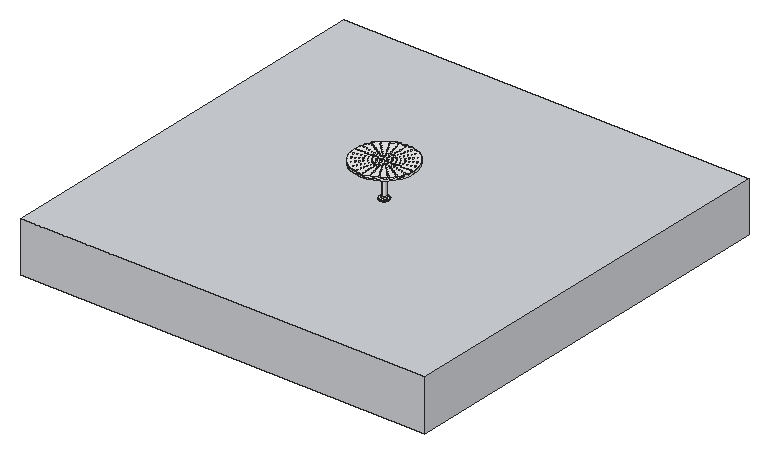
Revit family (continued)
Definition of nested family "13691_Base"
  Lines and regions (in)
    symbolic lines, style "Masking Lines", detail levels fine
      curve 275: arc (4.45101, 1.19265, 2.75) -> (4.49248, 1.26446, 2.75) -> (4.56429, 1.223, 2.75) r 0.05864
      curve 276: arc (4.56429, 1.223, 2.75) -> (4.52283, 1.15118, 2.75) -> (4.45101, 1.19265, 2.75) r 0.05864
      curve 277: arc (3.69974, 0.99134, 2.75) -> (3.7412, 1.06316, 2.75) -> (3.81302, 1.0217, 2.75) r 0.05864
      curve 278: arc (3.81302, 1.0217, 2.75) -> (3.77155, 0.94988, 2.75) -> (3.69974, 0.99134, 2.75) r 0.05864
      curve 279: arc (2.94846, 0.79004, 2.75) -> (2.98993, 0.86186, 2.75) -> (3.06174, 0.82039, 2.75) r 0.05864
      curve 280: arc (3.06174, 0.82039, 2.75) -> (3.02028, 0.74857, 2.75) -> (2.94846, 0.79004, 2.75) r 0.05864
      curve 281: arc (2.19719, 0.58873, 2.75) -> (2.23865, 0.66055, 2.75) -> (2.31047, 0.61909, 2.75) r 0.05864
      curve 282: arc (2.31047, 0.61909, 2.75) -> (2.269, 0.54727, 2.75) -> (2.19719, 0.58873, 2.75) r 0.05864
      curve 283: arc (0.71914, 0, 2.75) -> (0.77778, 0.05864, 2.75) -> (0.83642, 0, 2.75) r 0.05864
      curve 284: arc (0.83642, 0, 2.75) -> (0.77778, -0.05864, 2.75) -> (0.71914, 0, 2.75) r 0.05864
      curve 285: arc (1.49692, 0, 2.75) -> (1.55556, 0.05864, 2.75) -> (1.61419, 0, 2.75) r 0.05864
      curve 286: arc (1.61419, 0, 2.75) -> (1.55556, -0.05864, 2.75) -> (1.49692, 0, 2.75) r 0.05864
      curve 287: arc (2.27469, 0, 2.75) -> (2.33333, 0.05864, 2.75) -> (2.39197, 0, 2.75) r 0.05864
      curve 288: arc (2.39197, 0, 2.75) -> (2.33333, -0.05864, 2.75) -> (2.27469, 0, 2.75) r 0.05864
      curve 289: arc (3.05247, 0, 2.75) -> (3.11111, 0.05864, 2.75) -> (3.16975, 0, 2.75) r 0.05864
      curve 290: arc (3.16975, 0, 2.75) -> (3.11111, -0.05864, 2.75) -> (3.05247, 0, 2.75) r 0.05864
      curve 291: arc (3.83025, 0, 2.75) -> (3.88889, 0.05864, 2.75) -> (3.94753, 0, 2.75) r 0.05864
      curve 292: arc (3.94753, 0, 2.75) -> (3.88889, -0.05864, 2.75) -> (3.83025, 0, 2.75) r 0.05864
      curve 293: arc (4.60803, 0, 2.75) -> (4.66667, 0.05864, 2.75) -> (4.72531, 0, 2.75) r 0.05864
      curve 294: arc (4.72531, 0, 2.75) -> (4.66667, -0.05864, 2.75) -> (4.60803, 0, 2.75) r 0.05864
      curve 295: arc (5.38581, 0, 2.75) -> (5.44444, 0.05864, 2.75) -> (5.50308, 0, 2.75) r 0.05864
      curve 296: arc (5.50308, 0, 2.75) -> (5.44444, -0.05864, 2.75) -> (5.38581, 0, 2.75) r 0.05864
      curve 297: arc (6.16358, 0, 2.75) -> (6.22222, 0.05864, 2.75) -> (6.28086, 0, 2.75) r 0.05864
      curve 298: arc (6.28086, 0, 2.75) -> (6.22222, -0.05864, 2.75) -> (6.16358, 0, 2.75) r 0.05864
      curve 299: arc (1.59525, -5.95356, 2.75) -> (1.55379, -6.02538, 2.75) -> (1.62561, -6.06685, 2.75) r 0.05864
      curve 300: arc (1.62561, -6.06685, 2.75) -> (1.66707, -5.99503, 2.75) -> (1.59525, -5.95356, 2.75) r 0.05864
      curve 301: arc (1.39395, -5.20229, 2.75) -> (1.35249, -5.27411, 2.75) -> (1.4243, -5.31557, 2.75) r 0.05864
      curve 302: arc (1.4243, -5.31557, 2.75) -> (1.46577, -5.24375, 2.75) -> (1.39395, -5.20229, 2.75) r 0.05864
      curve 303: arc (1.19265, -4.45101, 2.75) -> (1.15118, -4.52283, 2.75) -> (1.223, -4.56429, 2.75) r 0.05864
      curve 304: arc (1.223, -4.56429, 2.75) -> (1.26446, -4.49248, 2.75) -> (1.19265, -4.45101, 2.75) r 0.05864
      curve 305: arc (0.99134, -3.69974, 2.75) -> (0.94988, -3.77155, 2.75) -> (1.0217, -3.81302, 2.75) r 0.05864
      curve 306: arc (1.0217, -3.81302, 2.75) -> (1.06316, -3.7412, 2.75) -> (0.99134, -3.69974, 2.75) r 0.05864
      curve 307: arc (0.79004, -2.94846, 2.75) -> (0.74857, -3.02028, 2.75) -> (0.82039, -3.06174, 2.75) r 0.05864
      curve 308: arc (0.82039, -3.06174, 2.75) -> (0.86186, -2.98993, 2.75) -> (0.79004, -2.94846, 2.75) r 0.05864
      curve 309: arc (0.58873, -2.19719, 2.75) -> (0.54727, -2.269, 2.75) -> (0.61909, -2.31047, 2.75) r 0.05864
      curve 310: arc (0.61909, -2.31047, 2.75) -> (0.66055, -2.23865, 2.75) -> (0.58873, -2.19719, 2.75) r 0.05864
      curve 311: arc (0.74846, -1.29637, 2.75) -> (0.72703, -1.37631, 2.75) -> (0.80697, -1.39775, 2.75) r 0.05853
      curve 312: arc (0.80697, -1.39775, 2.75) -> (0.82841, -1.3178, 2.75) -> (0.74846, -1.29637, 2.75) r 0.05853
      curve 313: arc (1.13735, -1.96994, 2.75) -> (1.11591, -2.04988, 2.75) -> (1.19586, -2.07132, 2.75) r 0.05853
      curve 314: arc (1.19586, -2.07132, 2.75) -> (1.2173, -1.99138, 2.75) -> (1.13735, -1.96994, 2.75) r 0.05853
      curve 315: arc (1.52624, -2.64352, 2.75) -> (1.5048, -2.72346, 2.75) -> (1.58475, -2.7449, 2.75) r 0.05853
      curve 316: arc (1.58475, -2.7449, 2.75) -> (1.60619, -2.66495, 2.75) -> (1.52624, -2.64352, 2.75) r 0.05853
      curve 317: arc (1.91513, -3.31709, 2.75) -> (1.89369, -3.39703, 2.75) -> (1.97363, -3.41847, 2.75) r 0.05853
      curve 318: arc (1.97363, -3.41847, 2.75) -> (1.99508, -3.33853, 2.75) -> (1.91513, -3.31709, 2.75) r 0.05853
      curve 319: arc (2.30402, -3.99067, 2.75) -> (2.28258, -4.07061, 2.75) -> (2.36252, -4.09205, 2.75) r 0.05853
      curve 320: arc (2.36252, -4.09205, 2.75) -> (2.38396, -4.0121, 2.75) -> (2.30402, -3.99067, 2.75) r 0.05853
      curve 321: arc (2.69291, -4.66424, 2.75) -> (2.67147, -4.74418, 2.75) -> (2.75141, -4.76563, 2.75) r 0.05853
      curve 322: arc (2.75141, -4.76563, 2.75) -> (2.77285, -4.68568, 2.75) -> (2.69291, -4.66424, 2.75) r 0.05853
      curve 323: arc (3.0818, -5.33782, 2.75) -> (3.06036, -5.41776, 2.75) -> (3.1403, -5.4392, 2.75) r 0.05853
      curve 324: arc (3.1403, -5.4392, 2.75) -> (3.16174, -5.35926, 2.75) -> (3.0818, -5.33782, 2.75) r 0.05853
      curve 325: arc (4.35831, -4.35831, 2.75) -> (4.35831, -4.44124, 2.75) -> (4.44124, -4.44124, 2.75) r 0.05864
      curve 326: arc (4.44124, -4.44124, 2.75) -> (4.44124, -4.35831, 2.75) -> (4.35831, -4.35831, 2.75) r 0.05864
      curve 327: arc (3.80834, -3.80834, 2.75) -> (3.80834, -3.89127, 2.75) -> (3.89127, -3.89127, 2.75) r 0.05864
      curve 328: arc (3.89127, -3.89127, 2.75) -> (3.89127, -3.80834, 2.75) -> (3.80834, -3.80834, 2.75) r 0.05864
      curve 329: arc (3.25837, -3.25837, 2.75) -> (3.25837, -3.3413, 2.75) -> (3.3413, -3.3413, 2.75) r 0.05864
      curve 330: arc (3.3413, -3.3413, 2.75) -> (3.3413, -3.25837, 2.75) -> (3.25837, -3.25837, 2.75) r 0.05864
      curve 331: arc (2.79132, -2.79132, 2.75) -> (2.7084, -2.79132, 2.75) -> (2.7084, -2.7084, 2.75) r 0.05864
      curve 332: arc (2.7084, -2.7084, 2.75) -> (2.79132, -2.7084, 2.75) -> (2.79132, -2.79132, 2.75) r 0.05864
      curve 333: arc (2.15842, -2.15842, 2.75) -> (2.15842, -2.24135, 2.75) -> (2.24135, -2.24135, 2.75) r 0.05864
      curve 334: arc (2.24135, -2.24135, 2.75) -> (2.24135, -2.15842, 2.75) -> (2.15842, -2.15842, 2.75) r 0.05864
      curve 335: arc (1.60845, -1.60845, 2.75) -> (1.60845, -1.69138, 2.75) -> (1.69138, -1.69138, 2.75) r 0.05864
      curve 336: arc (1.69138, -1.69138, 2.75) -> (1.69138, -1.60845, 2.75) -> (1.60845, -1.60845, 2.75) r 0.05864
      curve 337: arc (1.05848, -1.05848, 2.75) -> (1.05848, -1.14141, 2.75) -> (1.14141, -1.14141, 2.75) r 0.05864
      curve 338: arc (1.14141, -1.14141, 2.75) -> (1.14141, -1.05848, 2.75) -> (1.05848, -1.05848, 2.75) r 0.05864
      curve 339: arc (0.50851, -0.50851, 2.75) -> (0.50851, -0.59144, 2.75) -> (0.59144, -0.59144, 2.75) r 0.05864
      curve 340: arc (0.59144, -0.59144, 2.75) -> (0.59144, -0.50851, 2.75) -> (0.50851, -0.50851, 2.75) r 0.05864
      curve 341: arc (1.29637, -0.74845, 2.75) -> (1.3151, -0.83304, 2.75) -> (1.39773, -0.807, 2.75) r 0.05875
      curve 342: arc (1.39773, -0.807, 2.75) -> (1.37387, -0.7313, 2.75) -> (1.29637, -0.74845, 2.75) r 0.05875
      curve 343: arc (1.96995, -1.13734, 2.75) -> (1.98867, -1.22193, 2.75) -> (2.0713, -1.19589, 2.75) r 0.05875
      curve 344: arc (2.0713, -1.19589, 2.75) -> (2.04745, -1.12018, 2.75) -> (1.96995, -1.13734, 2.75) r 0.05875
      curve 345: arc (2.64352, -1.52623, 2.75) -> (2.66225, -1.61082, 2.75) -> (2.74488, -1.58478, 2.75) r 0.05875
      curve 346: arc (2.74488, -1.58478, 2.75) -> (2.72102, -1.50907, 2.75) -> (2.64352, -1.52623, 2.75) r 0.05875
      curve 347: arc (3.3171, -1.91512, 2.75) -> (3.33582, -1.99971, 2.75) -> (3.41845, -1.97367, 2.75) r 0.05875
      curve 348: arc (3.41845, -1.97367, 2.75) -> (3.3946, -1.89796, 2.75) -> (3.3171, -1.91512, 2.75) r 0.05875
      curve 349: arc (3.99067, -2.30401, 2.75) -> (4.0094, -2.3886, 2.75) -> (4.09203, -2.36256, 2.75) r 0.05875
      curve 350: arc (4.09203, -2.36256, 2.75) -> (4.06817, -2.28685, 2.75) -> (3.99067, -2.30401, 2.75) r 0.05875
      curve 351: arc (4.66425, -2.6929, 2.75) -> (4.68297, -2.77749, 2.75) -> (4.76561, -2.75145, 2.75) r 0.05875
      curve 352: arc (4.76561, -2.75145, 2.75) -> (4.74175, -2.67574, 2.75) -> (4.66425, -2.6929, 2.75) r 0.05875
      curve 353: arc (5.33782, -3.08179, 2.75) -> (5.35655, -3.16638, 2.75) -> (5.43918, -3.14034, 2.75) r 0.05875
      curve 354: arc (5.43918, -3.14034, 2.75) -> (5.41532, -3.06463, 2.75) -> (5.33782, -3.08179, 2.75) r 0.05875
      curve 355: arc (5.95356, -1.59525, 2.75) -> (5.99503, -1.66707, 2.75) -> (6.06685, -1.62561, 2.75) r 0.05864
      curve 356: arc (6.06685, -1.62561, 2.75) -> (6.02538, -1.55379, 2.75) -> (5.95356, -1.59525, 2.75) r 0.05864
      curve 357: arc (5.20229, -1.39395, 2.75) -> (5.24375, -1.46577, 2.75) -> (5.31557, -1.4243, 2.75) r 0.05864
      curve 358: arc (5.31557, -1.4243, 2.75) -> (5.27411, -1.35249, 2.75) -> (5.20229, -1.39395, 2.75) r 0.05864
      curve 359: arc (4.45101, -1.19265, 2.75) -> (4.49248, -1.26446, 2.75) -> (4.56429, -1.223, 2.75) r 0.05864
      curve 360: arc (4.56429, -1.223, 2.75) -> (4.52283, -1.15118, 2.75) -> (4.45101, -1.19265, 2.75) r 0.05864
      curve 361: arc (3.69974, -0.99134, 2.75) -> (3.7412, -1.06316, 2.75) -> (3.81302, -1.0217, 2.75) r 0.05864
      curve 362: arc (3.81302, -1.0217, 2.75) -> (3.77155, -0.94988, 2.75) -> (3.69974, -0.99134, 2.75) r 0.05864
      curve 363: arc (2.94846, -0.79004, 2.75) -> (2.98993, -0.86186, 2.75) -> (3.06174, -0.82039, 2.75) r 0.05864
      curve 364: arc (3.06174, -0.82039, 2.75) -> (3.02028, -0.74857, 2.75) -> (2.94846, -0.79004, 2.75) r 0.05864
      curve 365: arc (2.19719, -0.58873, 2.75) -> (2.23865, -0.66055, 2.75) -> (2.31047, -0.61909, 2.75) r 0.05864
      curve 366: arc (2.31047, -0.61909, 2.75) -> (2.269, -0.54727, 2.75) -> (2.19719, -0.58873, 2.75) r 0.05864
  Dimensions and locks (in)
    equal spacing: plane 4 "Left", plane 3 "Center (Left/Right)", plane 5 "Right"
    equal spacing: plane 6 "Top", plane 1 "Center (Front/Back)", plane 7 "Bottom"
    plane 4 "Left" to plane 5 "Right" = 1' - 2"
    plane 6 "Top" to plane 7 "Bottom" = 1' - 2"
    plane 8 "Front" to plane 2 "Back" = 0' - 2 3/4"
    aligned and locked: plane 2 "Back" to level
  Automatic sketch dimensions
    Revolve 1 sketch curve to plane 4 "Left" = 0' - 0"
    Revolve 1 sketch curve to level = 0' - 0"  (x2)
    Revolve 1 sketch curve to plane 3 "Center (Left/Right)" = 0' - 0"  (x2)
    plane 4 "Left" to Revolve 1 sketch curve = 0' - 0.02974"
    plane 4 "Left" to Revolve 1 sketch curve = 0' - 0.02985"
    Revolve 1 sketch curve to plane 3 "Center (Left/Right)" = 0' - 0.72059"
    Revolve 1 sketch curve to Revolve 1 sketch curve = 0' - 0.03076"
    level to Revolve 1 sketch curve = 0' - 0.02372"
    Revolve 1 sketch curve to plane 3 "Center (Left/Right)" = 0' - 0.49543"
    Revolve 1 sketch curve to Revolve 1 sketch curve = 0' - 0.0199"
    Revolve 1 sketch curve to Revolve 1 sketch curve = 0' - 0.25135"
    Revolve 1 sketch curve to Revolve 1 sketch curve = 0' - 0.05803"
    Revolve 1 sketch curve to Revolve 1 sketch curve = 0' - 0.02688"
    Revolve 1 sketch curve to Revolve 1 sketch curve = 0' - 0"  (x2)
    Revolve 1 sketch curve to Revolve 1 sketch curve = 0' - 0.04464"
    Revolve 1 sketch curve to Revolve 1 sketch curve = 0' - 0.08818"
    plane 3 "Center (Left/Right)" to Revolve 1 sketch curve = 0' - 0.003"
    level to Revolve 1 sketch curve = 0' - 0.75212"
    Revolve 1 sketch curve to Revolve 1 sketch curve = 0' - 0.47299"
    Revolve 1 sketch curve to plane 8 "Front" = 0' - 0.50596"
    Revolve 1 sketch curve to plane 8 "Front" = 0' - 0.06293"
    Revolve 1 sketch curve to plane 8 "Front" = 0' - 0.01638"
    Masking region 1 sketch curve to plane 4 "Left" = 0' - 0"
    Masking region 1 sketch curve to level = 0' - 0"
    plane 5 "Right" to Masking region 1 sketch curve = 0' - 0"
    plane 4 "Left" to Masking region 1 sketch curve = 0' - 0.02974"
    Masking region 1 sketch curve to plane 3 "Center (Left/Right)" = 0' - 0.72059"
    Masking region 1 sketch curve to Masking region 1 sketch curve = 0' - 0.03076"  (x2)
    level to Masking region 1 sketch curve = 0' - 0.02372"
    Masking region 1 sketch curve to plane 3 "Center (Left/Right)" = 0' - 0.49543"
    Masking region 1 sketch curve to Masking region 1 sketch curve = 0' - 0.0199"
    level to Masking region 1 sketch curve = 0' - 0.02052"  (x2)
    Masking region 1 sketch curve to Masking region 1 sketch curve = 0' - 0.25135"  (x2)
    Masking region 1 sketch curve to Masking region 1 sketch curve = 0' - 0.05823"
    Masking region 1 sketch curve to Masking region 1 sketch curve = 0' - 0.02679"
    Masking region 1 sketch curve to Masking region 1 sketch curve = 0' - 0"  (x4)
    Masking region 1 sketch curve to Masking region 1 sketch curve = 0' - 0.04434"  (x2)
    Masking region 1 sketch curve to Masking region 1 sketch curve = 0' - 0.22998"  (x2)
    Masking region 1 sketch curve to plane 3 "Center (Left/Right)" = 0' - 0.00965"
    plane 3 "Center (Left/Right)" to Masking region 1 sketch curve = 0' - 0.00965"
    plane 3 "Center (Left/Right)" to Masking region 1 sketch curve = 0' - 0.26545"
    plane 3 "Center (Left/Right)" to Masking region 1 sketch curve = 0' - 0.33591"
    Masking region 1 sketch curve to Masking region 1 sketch curve = 0' - 0.01755"
    Masking region 1 sketch curve to Masking region 1 sketch curve = 0' - 0.10257"
    plane 3 "Center (Left/Right)" to Masking region 1 sketch curve = 0' - 0.47516"
    Masking region 1 sketch curve to Masking region 1 sketch curve = 0' - 0.00037"
    plane 5 "Right" to Masking region 1 sketch curve = 0' - 0.02974"
    Masking region 1 sketch curve to Masking region 1 sketch curve = 0' - 0.7284"  (x2)
    Masking region 1 sketch curve to Masking region 1 sketch curve = 0' - 0.47299"  (x2)
    Masking region 1 sketch curve to plane 8 "Front" = 0' - 0.50596"  (x2)
    Masking region 1 sketch curve to plane 8 "Front" = 0' - 0.06282"
    plane 8 "Front" to curve 1 = 0' - 0.01048"
    plane 4 "Left" to curve 1 = 0' - 0.7993"
    curve 1 to plane 8 "Front" = 0' - 0.02704"
    curve 1 to curve 1 = 0' - 0.00866"
    curve 2 to plane 3 "Center (Left/Right)" = 0' - 0.72059"
    curve 2 to curve 3 = 0' - 0.03076"
    curve 7 to plane 3 "Center (Left/Right)" = 0' - 0.49543"
    curve 4 to plane 3 "Center (Left/Right)" = 0' - 0.43848"
    curve 4 to curve 6 = 0' - 0.08502"
    curve 6 to curve 5 = 0' - 0.01755"
    curve 15 to plane 3 "Center (Left/Right)" = 0' - 0.19715"
    curve 7 to curve 10 = 0' - 0.00407"
    curve 14 to curve 16 = 0' - 0.01412"
    curve 10 to plane 3 "Center (Left/Right)" = 0' - 0.00005"
    curve 9 to curve 10 = 0' - 0"
    curve 16 to curve 12 = 0' - 0.0163"
    curve 12 to curve 11 = 0' - 0.00407"
    plane 3 "Center (Left/Right)" to curve 5 = 0' - 0.33591"
    curve 5 to curve 6 = 0' - 0.01755"
    curve 5 to curve 4 = 0' - 0.10257"
    curve 6 to curve 8 = 0' - 0.14197"
    curve 4 to curve 3 = 0' - 0.25135"
    curve 3 to curve 2 = 0' - 0.03076"
    curve 2 to plane 8 "Front" = 0' - 0.50596"
    curve 3 to curve 2 = 0' - 0.5744"
    curve 4 to curve 3 = 0' - 0.47299"
    curve 5 to curve 4 = 0' - 0.11319"
    curve 6 to curve 5 = 0' - 0.11886"
    curve 12 to curve 6 = 0' - 0.21248"
    level to curve 12 = 0' - 0.1745"
    curve 13 to curve 14 = 0' - 0.00021"
    curve 16 to curve 12 = 0' - 0.00706"
    Masking region 2 sketch curve to level = 0' - 0"
    plane 7 "Bottom" to Masking region 2 sketch curve = 0' - 0"
    plane 1 "Center (Front/Back)" to Masking region 2 sketch curve = 0' - 0.72059"
    Masking region 2 sketch curve to Masking region 2 sketch curve = 0' - 0.03104"  (x2)
    level to Masking region 2 sketch curve = 0' - 0.02359"
    plane 1 "Center (Front/Back)" to Masking region 2 sketch curve = 0' - 0.49532"
    Masking region 2 sketch curve to Masking region 2 sketch curve = 0' - 0.01979"  (x2)
    Masking region 2 sketch curve to Masking region 2 sketch curve = 0' - 0.25086"  (x2)
    Masking region 2 sketch curve to Masking region 2 sketch curve = 0' - 0.05684"
    Masking region 2 sketch curve to Masking region 2 sketch curve = 0' - 0.02985"
    Masking region 2 sketch curve to Masking region 2 sketch curve = 0' - 0.04589"  (x2)
    Masking region 2 sketch curve to Masking region 2 sketch curve = 0' - 0"  (x2)
    Masking region 2 sketch curve to Masking region 2 sketch curve = 0' - 0.08585"
    plane 1 "Center (Front/Back)" to Masking region 2 sketch curve = 0' - 0.03775"
    Masking region 2 sketch curve to plane 1 "Center (Front/Back)" = 0' - 0.03775"
    Masking region 2 sketch curve to plane 1 "Center (Front/Back)" = 0' - 0.26616"
    Masking region 2 sketch curve to plane 1 "Center (Front/Back)" = 0' - 0.33597"
    Masking region 2 sketch curve to Masking region 2 sketch curve = 0' - 0.01604"
    Masking region 2 sketch curve to Masking region 2 sketch curve = 0' - 0.10273"
    level to Masking region 2 sketch curve = 0' - 0.0201"
    Masking region 2 sketch curve to plane 1 "Center (Front/Back)" = 0' - 0.47553"
    Masking region 2 sketch curve to plane 6 "Top" = 0' - 0.03006"
    Masking region 2 sketch curve to plane 6 "Top" = 0' - 0.03001"
    plane 6 "Top" to Masking region 2 sketch curve = 0' - 0"
    Masking region 2 sketch curve to Masking region 2 sketch curve = 0' - 0.72853"  (x2)
    Masking region 2 sketch curve to Masking region 2 sketch curve = 0' - 0.06454"  (x2)
    Masking region 2 sketch curve to Masking region 2 sketch curve = 0' - 0.47299"  (x2)
    Masking region 2 sketch curve to plane 8 "Front" = 0' - 0.48926"  (x2)
    Masking region 2 sketch curve to plane 8 "Front" = 0' - 0.04644"
    level to curve 21 = 0' - 0.02022"
    plane 1 "Center (Front/Back)" to curve 21 = 0' - 0.49543"
    plane 1 "Center (Front/Back)" to curve 22 = 0' - 0.49532"
    curve 22 to plane 1 "Center (Front/Back)" = 0' - 0.49532"
    curve 21 to plane 1 "Center (Front/Back)" = 0' - 0.49543"
    curve 21 to curve 22 = 0' - 0.7319"
    Masking region 3 sketch curve to plane 4 "Left" = 0' - 0"
    Masking region 3 sketch curve to plane 5 "Right" = 0' - 0"
    Masking region 3 sketch curve to plane 7 "Bottom" = 0' - 0"
    Masking region 3 sketch curve to plane 6 "Top" = 0' - 0"
    plane 7 "Bottom" to Masking region 2 sketch curve = 0' - 0.03008"
    Masking region 4 sketch curve to Masking region 4 sketch curve = 0' - 0"  (x2)
    plane 1 "Center (Front/Back)" to Masking region 4 sketch curve = 0' - 0"
    Masking region 4 sketch curve to plane 4 "Left" = 0' - 0"
    Masking region 4 sketch curve to plane 3 "Center (Left/Right)" = 0' - 0"
    Extrusion 2 sketch curve to Extrusion 2 sketch curve = 0' - 0"  (x336)
    plane 1 "Center (Front/Back)" to Extrusion 2 sketch curve = 0' - 0"  (x16)
    Extrusion 2 sketch curve to plane 3 "Center (Left/Right)" = 0' - 0"  (x16)
    plane 3 "Center (Left/Right)" to Extrusion 2 sketch curve = 0' - 0.50851"  (x2)
    Extrusion 2 sketch curve to Extrusion 2 sketch curve = 0' - 0.04146"  (x96)
    plane 3 "Center (Left/Right)" to Extrusion 2 sketch curve = 0' - 0.58873"  (x2)
    Extrusion 2 sketch curve to Extrusion 2 sketch curve = 0' - 0.01518"  (x72)
    Extrusion 2 sketch curve to Extrusion 2 sketch curve = 0' - 0.21063"  (x4)
    Extrusion 2 sketch curve to Extrusion 2 sketch curve = 0' - 0.15703"  (x4)
    Extrusion 2 sketch curve to Extrusion 2 sketch curve = 0' - 0.02925"  (x56)
    Extrusion 2 sketch curve to Extrusion 2 sketch curve = 0' - 0.05864"  (x32)
    Extrusion 2 sketch curve to Extrusion 2 sketch curve = 0' - 0.17095"  (x40)
    Extrusion 2 sketch curve to Extrusion 2 sketch curve = 0' - 0.31002"  (x4)
    Extrusion 2 sketch curve to Extrusion 2 sketch curve = 0' - 0.54862"  (x4)
    Extrusion 2 sketch curve to Extrusion 2 sketch curve = 0' - 0.23789"  (x8)
    Extrusion 2 sketch curve to Extrusion 2 sketch curve = 0' - 0.04811"  (x28)
    Extrusion 2 sketch curve to Extrusion 2 sketch curve = 0' - 0.05324"  (x28)
    Extrusion 2 sketch curve to Extrusion 2 sketch curve = 0' - 0.6605"  (x24)
    Extrusion 2 sketch curve to Extrusion 2 sketch curve = 0' - 0.33038"  (x20)
    Extrusion 2 sketch curve to Extrusion 2 sketch curve = 0' - 0.4711"  (x4)
    Extrusion 2 sketch curve to Extrusion 2 sketch curve = 0' - 0.36149"  (x8)
    Extrusion 2 sketch curve to Extrusion 2 sketch curve = 0' - 0.46704"  (x40)
    Extrusion 2 sketch curve to Extrusion 2 sketch curve = 0' - 0.22724"  (x4)
    Extrusion 2 sketch curve to Extrusion 2 sketch curve = 0' - 0.05664"  (x72)
    Extrusion 2 sketch curve to Extrusion 2 sketch curve = 0' - 0.07751"  (x4)
    Extrusion 2 sketch curve to Extrusion 2 sketch curve = 0' - 0.57222"  (x20)
    Extrusion 2 sketch curve to Extrusion 2 sketch curve = 0' - 0.63799"  (x40)
    Extrusion 2 sketch curve to plane 3 "Center (Left/Right)" = 0' - 0.50851"  (x2)
    Extrusion 2 sketch curve to plane 3 "Center (Left/Right)" = 0' - 0.58873"  (x2)
    Extrusion 2 sketch curve to plane 1 "Center (Front/Back)" = 0' - 0.50851"  (x2)
    Extrusion 2 sketch curve to plane 1 "Center (Front/Back)" = 0' - 0.58873"  (x2)
    Extrusion 2 sketch curve to Extrusion 2 sketch curve = 0' - 0.15702"  (x4)
    Extrusion 2 sketch curve to Extrusion 2 sketch curve = 0' - 0.03371"  (x28)
    Extrusion 2 sketch curve to Extrusion 2 sketch curve = 0' - 0.31003"  (x4)
    Extrusion 2 sketch curve to Extrusion 2 sketch curve = 0' - 0.54861"  (x4)
    Extrusion 2 sketch curve to Extrusion 2 sketch curve = 0' - 0.05069"  (x28)
    Extrusion 2 sketch curve to Extrusion 2 sketch curve = 0' - 0.33034"  (x20)
    Extrusion 2 sketch curve to Extrusion 2 sketch curve = 0' - 0.47111"  (x4)
    Extrusion 2 sketch curve to Extrusion 2 sketch curve = 0' - 0.22725"  (x4)
    Extrusion 2 sketch curve to Extrusion 2 sketch curve = 0' - 0.57219"  (x20)
    plane 1 "Center (Front/Back)" to Extrusion 2 sketch curve = 0' - 0.50851"  (x2)
    plane 1 "Center (Front/Back)" to Extrusion 2 sketch curve = 0' - 0.58873"  (x2)
    curve 27 to curve 28 = 0' - 0"  (x2)
    curve 27 to curve 29 = 0' - 0"  (x2)
    curve 27 to curve 30 = 0' - 0"  (x2)
    curve 28 to curve 29 = 0' - 0"  (x2)
    curve 28 to curve 30 = 0' - 0"  (x2)
    curve 29 to curve 30 = 0' - 0"  (x2)
    curve 31 to curve 32 = 0' - 0"  (x2)
    curve 33 to curve 34 = 0' - 0"  (x2)
    curve 35 to curve 36 = 0' - 0"  (x2)
    curve 37 to curve 38 = 0' - 0"  (x2)
    curve 39 to curve 40 = 0' - 0"  (x2)
    curve 41 to curve 42 = 0' - 0"  (x2)
    curve 43 to curve 44 = 0' - 0"  (x2)
    curve 45 to curve 46 = 0' - 0"  (x2)
    curve 47 to curve 48 = 0' - 0"  (x2)
    curve 49 to curve 50 = 0' - 0"  (x2)
    curve 51 to curve 52 = 0' - 0"  (x2)
    curve 53 to curve 54 = 0' - 0"  (x2)
    curve 55 to curve 56 = 0' - 0"  (x2)
    curve 57 to curve 58 = 0' - 0"  (x2)
    curve 59 to curve 60 = 0' - 0"  (x2)
    curve 61 to curve 62 = 0' - 0"  (x2)
    curve 63 to curve 64 = 0' - 0"  (x2)
    curve 65 to curve 66 = 0' - 0"  (x2)
    curve 67 to curve 68 = 0' - 0"  (x2)
    curve 69 to curve 70 = 0' - 0"  (x2)
    curve 71 to curve 72 = 0' - 0"  (x2)
    curve 73 to curve 74 = 0' - 0"  (x2)
    curve 75 to curve 76 = 0' - 0"  (x2)
    curve 77 to curve 78 = 0' - 0"  (x2)
    curve 79 to curve 80 = 0' - 0"  (x2)
    curve 81 to curve 82 = 0' - 0"  (x2)
    curve 83 to curve 84 = 0' - 0"  (x2)
    curve 85 to curve 86 = 0' - 0"  (x2)
    curve 87 to curve 88 = 0' - 0"  (x2)
    curve 89 to curve 90 = 0' - 0"  (x2)
    curve 91 to curve 92 = 0' - 0"  (x2)
    curve 93 to curve 94 = 0' - 0"  (x2)
    curve 95 to curve 96 = 0' - 0"  (x2)
    curve 97 to curve 98 = 0' - 0"  (x2)
    curve 99 to curve 100 = 0' - 0"  (x2)
    curve 101 to curve 102 = 0' - 0"  (x2)
    curve 103 to curve 104 = 0' - 0"  (x2)
    curve 105 to curve 106 = 0' - 0"  (x2)
    curve 107 to curve 108 = 0' - 0"  (x2)
    curve 109 to curve 110 = 0' - 0"  (x2)
    curve 111 to curve 112 = 0' - 0"  (x2)
    curve 113 to curve 114 = 0' - 0"  (x2)
    curve 115 to curve 116 = 0' - 0"  (x2)
    curve 117 to curve 118 = 0' - 0"  (x2)
    curve 119 to curve 120 = 0' - 0"  (x2)
    curve 121 to curve 122 = 0' - 0"  (x2)
    curve 123 to curve 124 = 0' - 0"  (x2)
    curve 125 to curve 126 = 0' - 0"  (x2)
    curve 127 to curve 128 = 0' - 0"  (x2)
    curve 129 to curve 130 = 0' - 0"  (x2)
    curve 131 to curve 132 = 0' - 0"  (x2)
    curve 133 to curve 134 = 0' - 0"  (x2)
    curve 135 to curve 136 = 0' - 0"  (x2)
    curve 137 to curve 138 = 0' - 0"  (x2)
    curve 139 to curve 140 = 0' - 0"  (x2)
    curve 141 to curve 142 = 0' - 0"  (x2)
    curve 143 to curve 144 = 0' - 0"  (x2)
    curve 145 to curve 146 = 0' - 0"  (x2)
    curve 147 to curve 148 = 0' - 0"  (x2)
    curve 149 to curve 150 = 0' - 0"  (x2)
    curve 151 to curve 152 = 0' - 0"  (x2)
    curve 153 to curve 154 = 0' - 0"  (x2)
    curve 155 to curve 156 = 0' - 0"  (x2)
    curve 157 to curve 158 = 0' - 0"  (x2)
    curve 159 to curve 160 = 0' - 0"  (x2)
    curve 161 to curve 162 = 0' - 0"  (x2)
    curve 163 to curve 164 = 0' - 0"  (x2)
    curve 165 to curve 166 = 0' - 0"  (x2)
    curve 167 to curve 168 = 0' - 0"  (x2)
    curve 169 to curve 170 = 0' - 0"  (x2)
    curve 171 to curve 172 = 0' - 0"  (x2)
    curve 173 to curve 174 = 0' - 0"  (x2)
    curve 175 to curve 176 = 0' - 0"  (x2)
    curve 177 to curve 178 = 0' - 0"  (x2)
    curve 179 to curve 180 = 0' - 0"  (x2)
    curve 181 to curve 182 = 0' - 0"  (x2)
    curve 183 to curve 184 = 0' - 0"  (x2)
    curve 185 to curve 186 = 0' - 0"  (x2)
    curve 187 to curve 188 = 0' - 0"  (x2)
    curve 189 to curve 190 = 0' - 0"  (x2)
    curve 191 to curve 192 = 0' - 0"  (x2)
    curve 193 to curve 194 = 0' - 0"  (x2)
    curve 195 to curve 196 = 0' - 0"  (x2)
    curve 197 to curve 198 = 0' - 0"  (x2)
    curve 199 to curve 200 = 0' - 0"  (x2)
    curve 201 to curve 202 = 0' - 0"  (x2)
    curve 203 to curve 204 = 0' - 0"  (x2)
    curve 205 to curve 206 = 0' - 0"  (x2)
    curve 207 to curve 208 = 0' - 0"  (x2)
    curve 209 to curve 210 = 0' - 0"  (x2)
    curve 211 to curve 212 = 0' - 0"  (x2)
    curve 213 to curve 214 = 0' - 0"  (x2)
    curve 215 to curve 216 = 0' - 0"  (x2)
    curve 217 to curve 218 = 0' - 0"  (x2)
    curve 219 to curve 220 = 0' - 0"  (x2)
    curve 221 to curve 222 = 0' - 0"  (x2)
    curve 223 to curve 224 = 0' - 0"  (x2)
    curve 225 to curve 226 = 0' - 0"  (x2)
    curve 227 to curve 228 = 0' - 0"  (x2)
    curve 229 to curve 230 = 0' - 0"  (x2)
    curve 231 to curve 232 = 0' - 0"  (x2)
    curve 233 to curve 234 = 0' - 0"  (x2)
    curve 235 to curve 236 = 0' - 0"  (x2)
    curve 237 to curve 238 = 0' - 0"  (x2)
    curve 239 to curve 240 = 0' - 0"  (x2)
    curve 241 to curve 242 = 0' - 0"  (x2)
    curve 243 to curve 244 = 0' - 0"  (x2)
    curve 245 to curve 246 = 0' - 0"  (x2)
    curve 247 to curve 248 = 0' - 0"  (x2)
    curve 249 to curve 250 = 0' - 0"  (x2)
    curve 251 to curve 252 = 0' - 0"  (x2)
    curve 253 to curve 254 = 0' - 0"  (x2)
    curve 255 to curve 256 = 0' - 0"  (x2)
    curve 257 to curve 258 = 0' - 0"  (x2)
    curve 259 to curve 260 = 0' - 0"  (x2)
    curve 261 to curve 262 = 0' - 0"  (x2)
    curve 263 to curve 264 = 0' - 0"  (x2)
    curve 265 to curve 266 = 0' - 0"  (x2)
    curve 267 to curve 268 = 0' - 0"  (x2)
    curve 269 to curve 270 = 0' - 0"  (x2)
    curve 271 to curve 272 = 0' - 0"  (x2)
    curve 273 to curve 274 = 0' - 0"  (x2)
    curve 275 to curve 276 = 0' - 0"  (x2)
    curve 277 to curve 278 = 0' - 0"  (x2)
    curve 279 to curve 280 = 0' - 0"  (x2)
    curve 281 to curve 282 = 0' - 0"  (x2)
    curve 283 to curve 284 = 0' - 0"  (x2)
    curve 285 to curve 286 = 0' - 0"  (x2)
    curve 287 to curve 288 = 0' - 0"  (x2)
    curve 289 to curve 290 = 0' - 0"  (x2)
    curve 291 to curve 292 = 0' - 0"  (x2)
    curve 293 to curve 294 = 0' - 0"  (x2)
    curve 295 to curve 296 = 0' - 0"  (x2)
    curve 297 to curve 298 = 0' - 0"  (x2)
    curve 299 to curve 300 = 0' - 0"  (x2)
    curve 301 to curve 302 = 0' - 0"  (x2)
    curve 303 to curve 304 = 0' - 0"  (x2)
    curve 305 to curve 306 = 0' - 0"  (x2)
    curve 307 to curve 308 = 0' - 0"  (x2)
    curve 309 to curve 310 = 0' - 0"  (x2)
    curve 311 to curve 312 = 0' - 0"  (x2)
    curve 313 to curve 314 = 0' - 0"  (x2)
    curve 315 to curve 316 = 0' - 0"  (x2)
    curve 317 to curve 318 = 0' - 0"  (x2)
    curve 319 to curve 320 = 0' - 0"  (x2)
    curve 321 to curve 322 = 0' - 0"  (x2)
    curve 323 to curve 324 = 0' - 0"  (x2)
    curve 325 to curve 326 = 0' - 0"  (x2)
    curve 327 to curve 328 = 0' - 0"  (x2)
    curve 329 to curve 330 = 0' - 0"  (x2)
    curve 331 to curve 332 = 0' - 0"  (x2)
    curve 333 to curve 334 = 0' - 0"  (x2)
    curve 335 to curve 336 = 0' - 0"  (x2)
    curve 337 to curve 338 = 0' - 0"  (x2)
    curve 339 to curve 340 = 0' - 0"  (x2)
    curve 341 to curve 342 = 0' - 0"  (x2)
    curve 343 to curve 344 = 0' - 0"  (x2)
    curve 345 to curve 346 = 0' - 0"  (x2)
    curve 347 to curve 348 = 0' - 0"  (x2)
    curve 349 to curve 350 = 0' - 0"  (x2)
    curve 351 to curve 352 = 0' - 0"  (x2)
    curve 353 to curve 354 = 0' - 0"  (x2)
    curve 355 to curve 356 = 0' - 0"  (x2)
    curve 357 to curve 358 = 0' - 0"  (x2)
    curve 359 to curve 360 = 0' - 0"  (x2)
    curve 361 to curve 362 = 0' - 0"  (x2)
    curve 363 to curve 364 = 0' - 0"  (x2)
    curve 365 to curve 366 = 0' - 0"  (x2)
    plane 1 "Center (Front/Back)" to curve 298 = 0' - 0"
    plane 1 "Center (Front/Back)" to curve 295 = 0' - 0"
    plane 1 "Center (Front/Back)" to curve 293 = 0' - 0"
    plane 1 "Center (Front/Back)" to curve 291 = 0' - 0"
    plane 1 "Center (Front/Back)" to curve 289 = 0' - 0"
    plane 1 "Center (Front/Back)" to curve 287 = 0' - 0"
    plane 1 "Center (Front/Back)" to curve 285 = 0' - 0"
    plane 1 "Center (Front/Back)" to curve 284 = 0' - 0"
    plane 1 "Center (Front/Back)" to curve 27 = 0' - 0"
    curve 54 to plane 3 "Center (Left/Right)" = 0' - 0"
    curve 52 to plane 3 "Center (Left/Right)" = 0' - 0"
    curve 50 to plane 3 "Center (Left/Right)" = 0' - 0"
    curve 48 to plane 3 "Center (Left/Right)" = 0' - 0"
    curve 154 to plane 3 "Center (Left/Right)" = 0' - 0"
    curve 46 to plane 3 "Center (Left/Right)" = 0' - 0"
    curve 155 to plane 3 "Center (Left/Right)" = 0' - 0"
    curve 44 to plane 3 "Center (Left/Right)" = 0' - 0"
    curve 30 to plane 3 "Center (Left/Right)" = 0' - 0"
    curve 157 to plane 3 "Center (Left/Right)" = 0' - 0"
    curve 55 to plane 3 "Center (Left/Right)" = 0' - 0"
    curve 152 to plane 3 "Center (Left/Right)" = 0' - 0"
    curve 150 to plane 3 "Center (Left/Right)" = 0' - 0"
    curve 144 to plane 3 "Center (Left/Right)" = 0' - 0"
    curve 57 to plane 3 "Center (Left/Right)" = 0' - 0"
    curve 148 to plane 3 "Center (Left/Right)" = 0' - 0"
    curve 146 to plane 3 "Center (Left/Right)" = 0' - 0"
    plane 1 "Center (Front/Back)" to curve 115 = 0' - 0"
    plane 1 "Center (Front/Back)" to curve 117 = 0' - 0"
    plane 1 "Center (Front/Back)" to curve 120 = 0' - 0"
    plane 1 "Center (Front/Back)" to curve 122 = 0' - 0"
    plane 1 "Center (Front/Back)" to curve 124 = 0' - 0"
    plane 1 "Center (Front/Back)" to curve 126 = 0' - 0"
    plane 1 "Center (Front/Back)" to curve 128 = 0' - 0"
    plane 1 "Center (Front/Back)" to curve 129 = 0' - 0"
    plane 3 "Center (Left/Right)" to curve 28 = 0' - 0.43848"
    plane 3 "Center (Left/Right)" to curve 255 = 0' - 0.50851"
    plane 3 "Center (Left/Right)" to curve 339 = 0' - 0.50851"
    curve 339 to curve 340 = 0' - 0.04146"  (x2)
    curve 255 to curve 255 = 0' - 0.04146"  (x3)
    plane 3 "Center (Left/Right)" to curve 309 = 0' - 0.58873"
    plane 3 "Center (Left/Right)" to curve 225 = 0' - 0.58873"
    curve 340 to curve 339 = 0' - 0.04146"
    curve 225 to curve 226 = 0' - 0.01518"
    curve 310 to curve 310 = 0' - 0.01518"
    curve 226 to curve 225 = 0' - 0.01518"
    curve 310 to curve 309 = 0' - 0.01518"
    curve 283 to curve 27 = 0' - 0.28066"
    curve 227 to curve 255 = 0' - 0.15703"
    curve 312 to curve 339 = 0' - 0.15703"
    curve 311 to curve 312 = 0' - 0.02925"
    curve 228 to curve 228 = 0' - 0.02925"
    curve 284 to curve 283 = 0' - 0.05864"
    curve 224 to curve 225 = 0' - 0.17095"
    curve 307 to curve 309 = 0' - 0.17095"
    curve 308 to curve 307 = 0' - 0.01518"  (x2)
    curve 223 to curve 223 = 0' - 0.01518"  (x2)
    curve 227 to curve 228 = 0' - 0.02925"
    curve 312 to curve 312 = 0' - 0.02925"
    curve 221 to curve 223 = 0' - 0.17095"
    curve 306 to curve 307 = 0' - 0.17095"
    curve 222 to curve 221 = 0' - 0.01518"
    curve 305 to curve 305 = 0' - 0.01518"
    curve 221 to curve 221 = 0' - 0.01518"
    curve 306 to curve 305 = 0' - 0.01518"
    curve 254 to curve 227 = 0' - 0.31002"
    curve 337 to curve 311 = 0' - 0.31002"
    curve 338 to curve 338 = 0' - 0.04146"
    curve 253 to curve 254 = 0' - 0.04146"
    curve 314 to curve 309 = 0' - 0.54862"
    curve 230 to curve 225 = 0' - 0.54862"
    curve 338 to curve 337 = 0' - 0.04146"  (x2)
    curve 254 to curve 253 = 0' - 0.04146"
    curve 229 to curve 230 = 0' - 0.02925"
    curve 314 to curve 314 = 0' - 0.02925"
    curve 303 to curve 305 = 0' - 0.17095"
    curve 219 to curve 221 = 0' - 0.17095"
    curve 313 to curve 314 = 0' - 0.02925"
    curve 230 to curve 230 = 0' - 0.02925"
    curve 304 to curve 303 = 0' - 0.01518"  (x2)
    curve 220 to curve 219 = 0' - 0.01518"
    curve 219 to curve 219 = 0' - 0.01518"
    curve 342 to curve 338 = 0' - 0.23789"
    curve 258 to curve 254 = 0' - 0.23789"
    curve 341 to curve 341 = 0' - 0.04811"
    curve 258 to curve 257 = 0' - 0.04811"
    curve 218 to curve 219 = 0' - 0.17095"
    curve 302 to curve 303 = 0' - 0.17095"
    curve 257 to curve 257 = 0' - 0.05324"
    curve 341 to curve 341 = 0' - 0.05324"
    curve 217 to curve 217 = 0' - 0.01518"  (x2)
    curve 301 to curve 301 = 0' - 0.01518"  (x2)
    curve 285 to curve 283 = 0' - 0.6605"
    curve 231 to curve 230 = 0' - 0.33038"
    curve 315 to curve 314 = 0' - 0.33038"
    curve 316 to curve 315 = 0' - 0.02925"
    curve 231 to curve 231 = 0' - 0.02925"  (x2)
    curve 285 to curve 285 = 0' - 0.05864"
    curve 315 to curve 315 = 0' - 0.02925"
    curve 216 to curve 217 = 0' - 0.17095"
    curve 299 to curve 301 = 0' - 0.17095"
    curve 252 to curve 229 = 0' - 0.4711"
    curve 336 to curve 314 = 0' - 0.4711"
    curve 215 to curve 215 = 0' - 0.01518"  (x2)
    curve 299 to curve 299 = 0' - 0.01518"
    curve 300 to curve 299 = 0' - 0.01518"
    curve 252 to curve 251 = 0' - 0.04146"  (x3)
    curve 335 to curve 335 = 0' - 0.04146"  (x2)
    curve 336 to curve 335 = 0' - 0.04146"
    curve 234 to curve 231 = 0' - 0.33038"
    curve 317 to curve 315 = 0' - 0.33038"
    curve 318 to curve 317 = 0' - 0.02925"  (x2)
    curve 233 to curve 233 = 0' - 0.02925"
    curve 343 to curve 335 = 0' - 0.36149"
    curve 259 to curve 251 = 0' - 0.36149"
    curve 234 to curve 233 = 0' - 0.02925"
    curve 259 to curve 259 = 0' - 0.04811"
    curve 344 to curve 343 = 0' - 0.04811"
    curve 343 to curve 343 = 0' - 0.05324"
    curve 259 to curve 259 = 0' - 0.05324"
    curve 249 to curve 251 = 0' - 0.46704"  (x2)
    curve 333 to curve 335 = 0' - 0.46704"
    curve 281 to curve 259 = 0' - 0.22724"
    curve 366 to curve 343 = 0' - 0.22724"
    curve 334 to curve 333 = 0' - 0.04146"
    curve 250 to curve 249 = 0' - 0.04146"  (x2)
    curve 333 to curve 333 = 0' - 0.04146"
    curve 249 to curve 249 = 0' - 0.04146"
    curve 282 to curve 282 = 0' - 0.05664"
    curve 366 to curve 366 = 0' - 0.05664"
    curve 287 to curve 281 = 0' - 0.07751"
    curve 235 to curve 234 = 0' - 0.33038"
    curve 319 to curve 318 = 0' - 0.33038"
    curve 365 to curve 365 = 0' - 0.05664"
    curve 281 to curve 281 = 0' - 0.05664"
    curve 236 to curve 235 = 0' - 0.02925"
    curve 319 to curve 319 = 0' - 0.02925"
    curve 288 to curve 287 = 0' - 0.05864"
    curve 235 to curve 235 = 0' - 0.02925"
    curve 320 to curve 319 = 0' - 0.02925"
    curve 262 to curve 259 = 0' - 0.57222"
    curve 346 to curve 343 = 0' - 0.57222"
    curve 262 to curve 262 = 0' - 0.04811"
    curve 345 to curve 346 = 0' - 0.04811"
    curve 321 to curve 319 = 0' - 0.33038"
    curve 237 to curve 235 = 0' - 0.33038"
    curve 331 to curve 333 = 0' - 0.46704"
    curve 247 to curve 249 = 0' - 0.46704"
    curve 238 to curve 238 = 0' - 0.02925"  (x2)
    curve 322 to curve 322 = 0' - 0.02925"  (x2)
    curve 261 to curve 261 = 0' - 0.05324"
    curve 346 to curve 345 = 0' - 0.05324"
    curve 247 to curve 247 = 0' - 0.04146"  (x2)
    curve 331 to curve 331 = 0' - 0.04146"
    curve 332 to curve 331 = 0' - 0.04146"
    curve 364 to curve 366 = 0' - 0.63799"
    curve 280 to curve 282 = 0' - 0.63799"
    curve 363 to curve 364 = 0' - 0.05664"
    curve 280 to curve 280 = 0' - 0.05664"
    curve 290 to curve 287 = 0' - 0.6605"
    curve 280 to curve 279 = 0' - 0.05664"
    curve 363 to curve 363 = 0' - 0.05664"
    curve 324 to curve 322 = 0' - 0.33038"
    curve 240 to curve 238 = 0' - 0.33038"
    curve 240 to curve 239 = 0' - 0.02925"  (x2)
    curve 323 to curve 323 = 0' - 0.02925"
    curve 290 to curve 289 = 0' - 0.05864"
    curve 324 to curve 323 = 0' - 0.02925"
    curve 329 to curve 331 = 0' - 0.46704"
    curve 245 to curve 247 = 0' - 0.46704"
    curve 246 to curve 245 = 0' - 0.04146"
    curve 330 to curve 329 = 0' - 0.04146"
    curve 264 to curve 262 = 0' - 0.57222"
    curve 348 to curve 346 = 0' - 0.57222"
    curve 245 to curve 245 = 0' - 0.04146"  (x2)
    curve 329 to curve 329 = 0' - 0.04146"
    curve 347 to curve 347 = 0' - 0.04811"
    curve 264 to curve 263 = 0' - 0.04811"
    curve 347 to curve 347 = 0' - 0.05324"
    curve 263 to curve 263 = 0' - 0.05324"
    curve 361 to curve 363 = 0' - 0.63799"
    curve 277 to curve 279 = 0' - 0.63799"
    curve 277 to curve 278 = 0' - 0.05664"
    curve 362 to curve 362 = 0' - 0.05664"
    curve 244 to curve 245 = 0' - 0.46704"  (x2)
    curve 328 to curve 329 = 0' - 0.46704"
    curve 278 to curve 277 = 0' - 0.05664"
    curve 361 to curve 361 = 0' - 0.05664"
    curve 291 to curve 289 = 0' - 0.6605"
    curve 328 to curve 327 = 0' - 0.04146"  (x3)
    curve 244 to curve 243 = 0' - 0.04146"  (x2)
    curve 292 to curve 291 = 0' - 0.05864"
    curve 265 to curve 264 = 0' - 0.57222"
    curve 350 to curve 348 = 0' - 0.57222"
    curve 349 to curve 349 = 0' - 0.04811"
    curve 266 to curve 265 = 0' - 0.04811"
    curve 265 to curve 265 = 0' - 0.05324"
    curve 350 to curve 349 = 0' - 0.05324"
    curve 242 to curve 243 = 0' - 0.46704"
    curve 326 to curve 327 = 0' - 0.46704"
    curve 326 to curve 325 = 0' - 0.04146"  (x2)
    curve 242 to curve 241 = 0' - 0.04146"  (x2)
    curve 241 to curve 241 = 0' - 0.04146"
    curve 276 to curve 277 = 0' - 0.63799"
    curve 360 to curve 361 = 0' - 0.63799"
    curve 359 to curve 360 = 0' - 0.05664"
    curve 276 to curve 276 = 0' - 0.05664"
    curve 359 to curve 359 = 0' - 0.05664"
    curve 276 to curve 275 = 0' - 0.05664"
    curve 294 to curve 291 = 0' - 0.6605"
    curve 267 to curve 266 = 0' - 0.57222"
    curve 351 to curve 350 = 0' - 0.57222"
    curve 294 to curve 293 = 0' - 0.05864"
    curve 352 to curve 352 = 0' - 0.04811"
    curve 268 to curve 268 = 0' - 0.04811"
    curve 352 to curve 352 = 0' - 0.05324"
    curve 268 to curve 268 = 0' - 0.05324"
    curve 274 to curve 275 = 0' - 0.63799"
    curve 358 to curve 359 = 0' - 0.63799"
    curve 274 to curve 274 = 0' - 0.05664"
    curve 357 to curve 358 = 0' - 0.05664"
    curve 274 to curve 273 = 0' - 0.05664"
    curve 358 to curve 357 = 0' - 0.05664"
    curve 269 to curve 268 = 0' - 0.57222"
    curve 354 to curve 352 = 0' - 0.57222"
    curve 296 to curve 293 = 0' - 0.6605"
    curve 269 to curve 269 = 0' - 0.04811"
    curve 354 to curve 353 = 0' - 0.04811"
    curve 353 to curve 353 = 0' - 0.05324"
    curve 269 to curve 269 = 0' - 0.05324"
    curve 295 to curve 295 = 0' - 0.05864"
    curve 271 to curve 273 = 0' - 0.63799"
    curve 356 to curve 357 = 0' - 0.63799"
    curve 355 to curve 355 = 0' - 0.05664"
    curve 272 to curve 271 = 0' - 0.05664"  (x2)
    curve 356 to curve 355 = 0' - 0.05664"
    curve 298 to curve 295 = 0' - 0.6605"
    curve 297 to curve 297 = 0' - 0.05864"
    curve 187 to plane 3 "Center (Left/Right)" = 0' - 0.50851"
    curve 87 to plane 3 "Center (Left/Right)" = 0' - 0.50851"
    curve 88 to curve 87 = 0' - 0.04146"
    curve 187 to curve 188 = 0' - 0.04146"  (x2)
    curve 141 to plane 3 "Center (Left/Right)" = 0' - 0.58873"
    curve 41 to plane 3 "Center (Left/Right)" = 0' - 0.58873"
    curve 87 to curve 88 = 0' - 0.04146"
    curve 187 to curve 187 = 0' - 0.04146"
    curve 42 to curve 42 = 0' - 0.01518"
    curve 142 to curve 142 = 0' - 0.01518"
    curve 41 to curve 41 = 0' - 0.01518"
    curve 141 to curve 141 = 0' - 0.01518"
    curve 27 to curve 115 = 0' - 0.28066"
    curve 187 to curve 160 = 0' - 0.15703"
    curve 87 to curve 59 = 0' - 0.15703"
    curve 59 to curve 59 = 0' - 0.02925"
    curve 159 to curve 159 = 0' - 0.02925"
    curve 115 to curve 116 = 0' - 0.05864"
    curve 41 to curve 39 = 0' - 0.17095"
    curve 142 to curve 140 = 0' - 0.17095"
    curve 39 to curve 39 = 0' - 0.01518"
    curve 139 to curve 140 = 0' - 0.01518"  (x2)
    curve 159 to curve 160 = 0' - 0.02925"
    curve 59 to curve 60 = 0' - 0.02925"
    curve 39 to curve 40 = 0' - 0.01518"
    curve 139 to curve 138 = 0' - 0.17095"
    curve 39 to curve 37 = 0' - 0.17095"
    curve 37 to curve 37 = 0' - 0.01518"
    curve 137 to curve 137 = 0' - 0.01518"
    curve 137 to curve 138 = 0' - 0.01518"
    curve 37 to curve 38 = 0' - 0.01518"
    curve 59 to curve 85 = 0' - 0.31002"
    curve 159 to curve 185 = 0' - 0.31002"
    curve 185 to curve 186 = 0' - 0.04146"  (x2)
    curve 85 to curve 85 = 0' - 0.04146"  (x3)
    curve 141 to curve 161 = 0' - 0.54862"
    curve 41 to curve 62 = 0' - 0.54862"
    curve 185 to curve 185 = 0' - 0.04146"
    curve 62 to curve 62 = 0' - 0.02925"
    curve 162 to curve 162 = 0' - 0.02925"
    curve 138 to curve 135 = 0' - 0.17095"
    curve 37 to curve 35 = 0' - 0.17095"
    curve 161 to curve 161 = 0' - 0.02925"
    curve 61 to curve 62 = 0' - 0.02925"
    curve 135 to curve 135 = 0' - 0.01518"  (x2)
    curve 35 to curve 36 = 0' - 0.01518"  (x2)
    curve 86 to curve 90 = 0' - 0.23789"
    curve 186 to curve 190 = 0' - 0.23789"
    curve 189 to curve 190 = 0' - 0.04811"
    curve 89 to curve 90 = 0' - 0.04811"
    curve 35 to curve 34 = 0' - 0.17095"
    curve 136 to curve 133 = 0' - 0.17095"
    curve 89 to curve 90 = 0' - 0.05324"
    curve 189 to curve 189 = 0' - 0.05324"
    curve 33 to curve 34 = 0' - 0.01518"  (x2)
    curve 133 to curve 133 = 0' - 0.01518"  (x2)
    curve 115 to curve 117 = 0' - 0.6605"
    curve 61 to curve 64 = 0' - 0.33038"
    curve 162 to curve 164 = 0' - 0.33038"
    curve 63 to curve 64 = 0' - 0.02925"
    curve 163 to curve 163 = 0' - 0.02925"
    curve 117 to curve 117 = 0' - 0.05864"
    curve 163 to curve 164 = 0' - 0.02925"
    curve 63 to curve 63 = 0' - 0.02925"
    curve 33 to curve 31 = 0' - 0.17095"
    curve 133 to curve 131 = 0' - 0.17095"
    curve 62 to curve 84 = 0' - 0.4711"
    curve 162 to curve 183 = 0' - 0.4711"
    curve 31 to curve 31 = 0' - 0.01518"  (x2)
    curve 131 to curve 131 = 0' - 0.01518"  (x2)
    curve 183 to curve 184 = 0' - 0.04146"
    curve 83 to curve 83 = 0' - 0.04146"  (x2)
    curve 183 to curve 183 = 0' - 0.04146"  (x2)
    curve 63 to curve 66 = 0' - 0.33038"
    curve 164 to curve 165 = 0' - 0.33038"
    curve 165 to curve 166 = 0' - 0.02925"
    curve 66 to curve 65 = 0' - 0.02925"
    curve 183 to curve 191 = 0' - 0.36149"
    curve 83 to curve 92 = 0' - 0.36149"
    curve 165 to curve 165 = 0' - 0.02925"
    curve 65 to curve 66 = 0' - 0.02925"
    curve 92 to curve 91 = 0' - 0.04811"
    curve 191 to curve 191 = 0' - 0.04811"
    curve 91 to curve 91 = 0' - 0.05324"
    curve 191 to curve 192 = 0' - 0.05324"
    curve 83 to curve 82 = 0' - 0.46704"
    curve 183 to curve 181 = 0' - 0.46704"  (x2)
    curve 91 to curve 114 = 0' - 0.22724"
    curve 191 to curve 214 = 0' - 0.22724"
    curve 81 to curve 82 = 0' - 0.04146"  (x2)
    curve 181 to curve 181 = 0' - 0.04146"
    curve 181 to curve 182 = 0' - 0.04146"  (x2)
    curve 113 to curve 113 = 0' - 0.05664"
    curve 214 to curve 213 = 0' - 0.05664"
    curve 213 to curve 120 = 0' - 0.07751"
    curve 166 to curve 167 = 0' - 0.33038"
    curve 65 to curve 67 = 0' - 0.33038"
    curve 113 to curve 114 = 0' - 0.05664"
    curve 213 to curve 213 = 0' - 0.05664"
    curve 167 to curve 167 = 0' - 0.02925"  (x2)
    curve 67 to curve 68 = 0' - 0.02925"
    curve 119 to curve 120 = 0' - 0.05864"
    curve 67 to curve 67 = 0' - 0.02925"
    curve 91 to curve 94 = 0' - 0.57222"
    curve 191 to curve 193 = 0' - 0.57222"
    curve 194 to curve 194 = 0' - 0.04811"
    curve 94 to curve 94 = 0' - 0.04811"
    curve 167 to curve 170 = 0' - 0.33038"
    curve 67 to curve 70 = 0' - 0.33038"
    curve 181 to curve 180 = 0' - 0.46704"
    curve 81 to curve 79 = 0' - 0.46704"
    curve 170 to curve 169 = 0' - 0.02925"
    curve 70 to curve 70 = 0' - 0.02925"
    curve 193 to curve 193 = 0' - 0.05324"
    curve 93 to curve 93 = 0' - 0.05324"
    curve 79 to curve 79 = 0' - 0.04146"  (x2)
    curve 179 to curve 179 = 0' - 0.04146"  (x3)
    curve 169 to curve 170 = 0' - 0.02925"
    curve 69 to curve 69 = 0' - 0.02925"
    curve 114 to curve 111 = 0' - 0.63799"
    curve 214 to curve 212 = 0' - 0.63799"
    curve 111 to curve 111 = 0' - 0.05664"  (x2)
    curve 212 to curve 212 = 0' - 0.05664"
    curve 119 to curve 122 = 0' - 0.6605"
    curve 211 to curve 211 = 0' - 0.05664"
    curve 69 to curve 71 = 0' - 0.33038"
    curve 170 to curve 171 = 0' - 0.33038"
    curve 71 to curve 72 = 0' - 0.02925"
    curve 171 to curve 171 = 0' - 0.02925"  (x2)
    curve 121 to curve 121 = 0' - 0.05864"
    curve 71 to curve 71 = 0' - 0.02925"
    curve 79 to curve 77 = 0' - 0.46704"
    curve 179 to curve 178 = 0' - 0.46704"
    curve 177 to curve 177 = 0' - 0.04146"  (x2)
    curve 77 to curve 78 = 0' - 0.04146"  (x2)
    curve 194 to curve 196 = 0' - 0.57222"
    curve 94 to curve 96 = 0' - 0.57222"
    curve 177 to curve 178 = 0' - 0.04146"
    curve 195 to curve 195 = 0' - 0.04811"
    curve 95 to curve 96 = 0' - 0.04811"
    curve 195 to curve 195 = 0' - 0.05324"
    curve 95 to curve 95 = 0' - 0.05324"
    curve 211 to curve 209 = 0' - 0.63799"
    curve 111 to curve 110 = 0' - 0.63799"
    curve 210 to curve 209 = 0' - 0.05664"
    curve 110 to curve 110 = 0' - 0.05664"
    curve 77 to curve 76 = 0' - 0.46704"
    curve 177 to curve 176 = 0' - 0.46704"  (x2)
    curve 109 to curve 110 = 0' - 0.05664"
    curve 209 to curve 209 = 0' - 0.05664"
    curve 121 to curve 124 = 0' - 0.6605"
    curve 175 to curve 176 = 0' - 0.04146"  (x2)
    curve 75 to curve 75 = 0' - 0.04146"  (x2)
    curve 123 to curve 124 = 0' - 0.05864"
    curve 96 to curve 97 = 0' - 0.57222"
    curve 196 to curve 198 = 0' - 0.57222"
    curve 97 to curve 98 = 0' - 0.04811"
    curve 197 to curve 198 = 0' - 0.04811"
    curve 97 to curve 98 = 0' - 0.05324"
    curve 197 to curve 197 = 0' - 0.05324"
    curve 175 to curve 174 = 0' - 0.46704"
    curve 75 to curve 73 = 0' - 0.46704"
    curve 73 to curve 74 = 0' - 0.04146"
    curve 173 to curve 173 = 0' - 0.04146"
    curve 73 to curve 73 = 0' - 0.04146"  (x2)
    curve 173 to curve 174 = 0' - 0.04146"  (x2)
    curve 109 to curve 107 = 0' - 0.63799"
    curve 209 to curve 207 = 0' - 0.63799"
    curve 108 to curve 108 = 0' - 0.05664"
    curve 208 to curve 208 = 0' - 0.05664"
    curve 207 to curve 207 = 0' - 0.05664"
    curve 107 to curve 107 = 0' - 0.05664"
    curve 123 to curve 126 = 0' - 0.6605"
    curve 197 to curve 200 = 0' - 0.57222"
    curve 98 to curve 99 = 0' - 0.57222"
    curve 125 to curve 125 = 0' - 0.05864"
    curve 100 to curve 99 = 0' - 0.04811"
    curve 200 to curve 199 = 0' - 0.04811"
    curve 99 to curve 99 = 0' - 0.05324"
    curve 199 to curve 200 = 0' - 0.05324"
    curve 207 to curve 206 = 0' - 0.63799"
    curve 107 to curve 105 = 0' - 0.63799"
    curve 205 to curve 205 = 0' - 0.05664"  (x2)
    curve 105 to curve 105 = 0' - 0.05664"
    curve 105 to curve 106 = 0' - 0.05664"
    curve 200 to curve 202 = 0' - 0.57222"
    curve 100 to curve 102 = 0' - 0.57222"
    curve 125 to curve 128 = 0' - 0.6605"
    curve 101 to curve 102 = 0' - 0.04811"
    curve 201 to curve 202 = 0' - 0.04811"
    curve 101 to curve 102 = 0' - 0.05324"
    curve 201 to curve 202 = 0' - 0.05324"
    curve 127 to curve 128 = 0' - 0.05864"
    curve 205 to curve 203 = 0' - 0.63799"
    curve 105 to curve 103 = 0' - 0.63799"
    curve 203 to curve 204 = 0' - 0.05664"
    curve 103 to curve 103 = 0' - 0.05664"  (x2)
    curve 203 to curve 203 = 0' - 0.05664"
    curve 127 to curve 129 = 0' - 0.6605"
    curve 129 to curve 130 = 0' - 0.05864"
    curve 30 to curve 27 = 0' - 0.43848"
    curve 87 to plane 1 "Center (Front/Back)" = 0' - 0.50851"
    curve 256 to plane 1 "Center (Front/Back)" = 0' - 0.50851"
    curve 88 to curve 88 = 0' - 0.04146"
    curve 114 to plane 1 "Center (Front/Back)" = 0' - 0.58873"
    curve 282 to plane 1 "Center (Front/Back)" = 0' - 0.58873"
    curve 281 to curve 282 = 0' - 0.01518"
    curve 113 to curve 113 = 0' - 0.01518"
    curve 44 to curve 29 = 0' - 0.28066"
    curve 258 to curve 256 = 0' - 0.15702"
    curve 90 to curve 88 = 0' - 0.15702"
    curve 43 to curve 43 = 0' - 0.05864"
    curve 90 to curve 89 = 0' - 0.03371"
    curve 258 to curve 257 = 0' - 0.03371"
    curve 111 to curve 114 = 0' - 0.17095"
    curve 280 to curve 282 = 0' - 0.17095"
    curve 112 to curve 111 = 0' - 0.01518"
    curve 280 to curve 280 = 0' - 0.01518"
    curve 109 to curve 111 = 0' - 0.17095"
    curve 277 to curve 279 = 0' - 0.17095"
    curve 278 to curve 278 = 0' - 0.01518"
    curve 109 to curve 110 = 0' - 0.01518"
    curve 86 to curve 90 = 0' - 0.31003"
    curve 253 to curve 258 = 0' - 0.31003"
    curve 254 to curve 254 = 0' - 0.04146"
    curve 91 to curve 113 = 0' - 0.54861"
    curve 260 to curve 282 = 0' - 0.54861"
    curve 259 to curve 259 = 0' - 0.03371"
    curve 91 to curve 92 = 0' - 0.03371"
    curve 275 to curve 277 = 0' - 0.17095"
    curve 108 to curve 109 = 0' - 0.17095"
    curve 276 to curve 276 = 0' - 0.01518"
    curve 107 to curve 108 = 0' - 0.01518"
    curve 59 to curve 85 = 0' - 0.23789"
    curve 228 to curve 253 = 0' - 0.23789"
    curve 60 to curve 59 = 0' - 0.05069"
    curve 227 to curve 228 = 0' - 0.05069"
    curve 106 to curve 107 = 0' - 0.17095"
    curve 274 to curve 275 = 0' - 0.17095"
    curve 274 to curve 274 = 0' - 0.01518"
    curve 106 to curve 105 = 0' - 0.01518"
    curve 45 to curve 43 = 0' - 0.6605"
    curve 262 to curve 259 = 0' - 0.33034"
    curve 94 to curve 91 = 0' - 0.33034"
    curve 45 to curve 45 = 0' - 0.05864"
    curve 262 to curve 262 = 0' - 0.03371"
    curve 94 to curve 94 = 0' - 0.03371"
    curve 271 to curve 273 = 0' - 0.17095"
    curve 104 to curve 105 = 0' - 0.17095"
    curve 252 to curve 260 = 0' - 0.47111"
    curve 83 to curve 92 = 0' - 0.47111"
    curve 103 to curve 103 = 0' - 0.01518"
    curve 272 to curve 271 = 0' - 0.01518"
    curve 84 to curve 83 = 0' - 0.04146"
    curve 264 to curve 262 = 0' - 0.33034"
    curve 96 to curve 94 = 0' - 0.33034"
    curve 263 to curve 263 = 0' - 0.03371"
    curve 95 to curve 95 = 0' - 0.03371"
    curve 61 to curve 84 = 0' - 0.36149"
    curve 229 to curve 252 = 0' - 0.36149"
    curve 230 to curve 230 = 0' - 0.05069"
    curve 62 to curve 62 = 0' - 0.05069"
    curve 82 to curve 83 = 0' - 0.46704"
    curve 42 to curve 61 = 0' - 0.22725"
    curve 226 to curve 229 = 0' - 0.22725"
    curve 82 to curve 81 = 0' - 0.04146"
    curve 41 to curve 42 = 0' - 0.05664"
    curve 225 to curve 226 = 0' - 0.05664"
    curve 58 to curve 226 = 0' - 0.07751"
    curve 265 to curve 264 = 0' - 0.33034"
    curve 97 to curve 96 = 0' - 0.33034"
    curve 58 to curve 57 = 0' - 0.05864"
    curve 98 to curve 97 = 0' - 0.03371"
    curve 266 to curve 265 = 0' - 0.03371"
    curve 232 to curve 230 = 0' - 0.57219"
    curve 64 to curve 61 = 0' - 0.57219"
    curve 99 to curve 98 = 0' - 0.33034"
    curve 268 to curve 265 = 0' - 0.33034"
    curve 63 to curve 63 = 0' - 0.05069"
    curve 232 to curve 231 = 0' - 0.05069"
